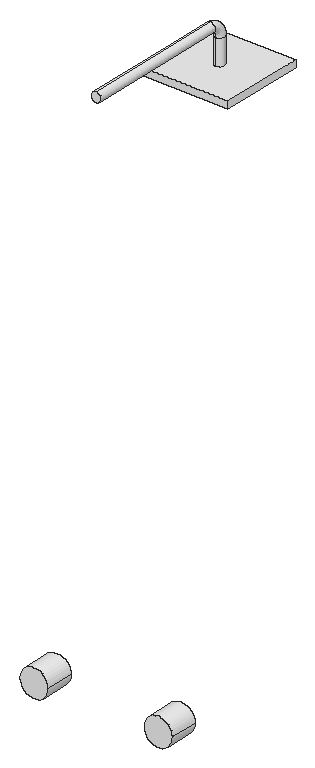
Revit family "Chuveiro_Parede_Q", category Plumbing Fixtures, host Wall, Revit 2025
Family settings
  Host = Wall
  Round Connector Dimension = Use Diameter
  Part Type = Normal
  OmniClass Number = 23.45.00.00
  OmniClass Title = Sanitary, Laundry, and Cleaning Equipment
  Enable Cutting in Views = No
  Always vertical = Yes
  Cut with Voids When Loaded = No
  Maintain Annotation Orientation = No
  Shared = No
  Room Calculation Point = No
Parameters (values of type "CHV_PAR")
  Material_Chuveiro = CT_Cromados
  Description = "Descrição do tipo"
  Default Elevation = 0 mm
  Altura_Chuveiro = 2250 mm
  Altura Torneiras [instance] = 1080 mm
Reference planes
  plane 1: y = 0
  plane 2 "Center (Left/Right)": x = 125
  plane 3 "Back": y = 75
  plane 4: z = 2250
  plane 5: z = 1080
Forms (mm)
  Sweep 1, solid, material "CT_Cromados" <- "Material_Chuveiro"
    path origin (125, 0, 0) x (0, 1, 0) y (0, 0, 1)
      loop
        line (75, 2250) -> (380, 2250)
        arc (380, 2250) -> (397.678, 2242.678) -> (405, 2225) r 25
        line (405, 2225) -> (405, 2170)
    profile origin (125, 227.5, 2250) x (0, 0, 1) y (1, 0, 0)
      loop
        circle (0, 0) r 10
  Extrusion 2, solid, material "CT_Cromados" <- "Material_Chuveiro"
    sketch origin (125, 405, 2170) x (0, -1, 0) y (-1, 0, 0)
      loop
        line (90, -90) -> (90, 90) -> (-90, 90) -> (-90, -90) -> (90, -90)
    from 15.441 to 0
  Extrusion 3, solid, material "CT_Cromados" <- "Material_Chuveiro"
    sketch origin (-60, 75, 0) x (1, 0, 0) y (0, 0, 1)
      loop
        circle (317.921, 1080) r 30
    from 0 to -60.533
  Extrusion 4, solid, material "CT_Cromados" <- "Material_Chuveiro"
    sketch origin (310, 75, 0) x (-1, 0, 0) y (0, 0, -1)
      loop
        circle (317.921, -1080) r 30
    from 0 to -60.533
Cuts and joins
  joined: Sweep 1, Extrusion 2
Lines and regions (mm)
  model lines, style "PlumbingFixturesHiddenLines"
    curve 1: line (114.16, 316.167, 0) -> (114.16, 75, 0)
    curve 2: line (134.16, 75, 0) -> (134.16, 315.964, 0)
  model lines
    curve 3: line (35, 495, 0) -> (215, 495, 0)
    curve 4: line (215, 495, 0) -> (215, 315, 0)
    curve 5: line (215, 315, 0) -> (35, 315, 0)
    curve 6: line (35, 315, 0) -> (35, 495, 0)
Text (mm)
  text "Placement side" at (-1787.139, 592.35, 0), in view "Ref. Level"
  text "Placement side" at (0, 1827.695, 2917.686), in view "Left"
  text "Placement side" at (0, 562.268, 3853.606), in view "Right"
Dimensions and locks
  locked: plane 3 "Back" to host wall
  "Altura_Chuveiro": plane 4 to level
  "Altura Torneiras": level to plane 5
  aligned and locked: plane 1 to host wall
  aligned and locked: Extrusion 2 to Sweep 1
  aligned and locked: Sweep 1 to plane 3 "Back"
  aligned and locked: cut or joined group of Sweep 1, Extrusion 2 to curve 2
  aligned and locked: cut or joined group of Sweep 1, Extrusion 2 to curve 1
Automatic sketch dimensions
  Sweep 1 sketch curve to plane 3 "Back" = 0 mm
  Sweep 1 sketch curve to plane 4 = 0 mm
  Sweep 1 sketch curve to plane 4 = 25 mm
  Sweep 1 sketch curve to plane 3 "Back" = 305 mm
  Sweep 1 sketch curve to Sweep 1 sketch curve = 55 mm
  Sweep 1 sketch curve to plane 2 "Center (Left/Right)" = 0 mm
  Sweep 1 sketch curve to profile plane = 0 mm
  Extrusion 3 sketch curve to plane 5 = 0 mm
  plane 2 "Center (Left/Right)" to Extrusion 3 sketch curve = 132.921 mm
  Extrusion 4 sketch curve to plane 5 = 0 mm
  plane 2 "Center (Left/Right)" to Extrusion 4 sketch curve = 132.921 mm
  Extrusion 2 sketch curve to Extrusion 2 sketch curve = 180 mm  (x2)
  plane 2 "Center (Left/Right)" to curve 5 = 90 mm
  host wall to curve 5 = 240 mm
  curve 1 to plane 2 "Center (Left/Right)" = 10.84 mm
  curve 6 to plane 2 "Center (Left/Right)" = 90 mm
  plane 2 "Center (Left/Right)" to curve 2 = 9.16 mm
  curve 4 to curve 2 = 0.964 mm
  curve 5 to curve 3 = 180 mm
  curve 2 to curve 1 = 0.203 mm
  radius of Sweep 1 sketch curve = 10 mm
  radius of Extrusion 3 sketch curve = 30 mm
  radius of Extrusion 4 sketch curve = 30 mm
Connectors
  piping at (257.921, 75, 1080), diameter 15
    settings: on Extrusion 3, index 1, connector inside diameter 609.6 mm, connector length 0 mm, flow factor 0, pipe flow 0.0 L/s, pressure drop 0.0 Pa, fitting loss kfactor 0, connector angle 0.00°, fixture units 0, engagement length 0 mm, angle of deflection 0.00°, flow configuration 0, flow direction 1, fitting loss method 0, system type 19, joint type 0, gender type 0, connector reference index -1, connector utility 0, adjustable connector no, is connector primary yes, connector description ""
  piping at (-7.921, 75, 1080), diameter 15
    settings: on Extrusion 4, index 2, connector inside diameter 609.6 mm, connector length 0 mm, flow factor 0, pipe flow 0.0 L/s, pressure drop 0.0 Pa, fitting loss kfactor 0, connector angle 0.00°, fixture units 0, engagement length 0 mm, angle of deflection 0.00°, flow configuration 0, flow direction 1, fitting loss method 0, system type 20, joint type 0, gender type 0, connector reference index -1, connector utility 0, adjustable connector no, is connector primary no, connector description ""
